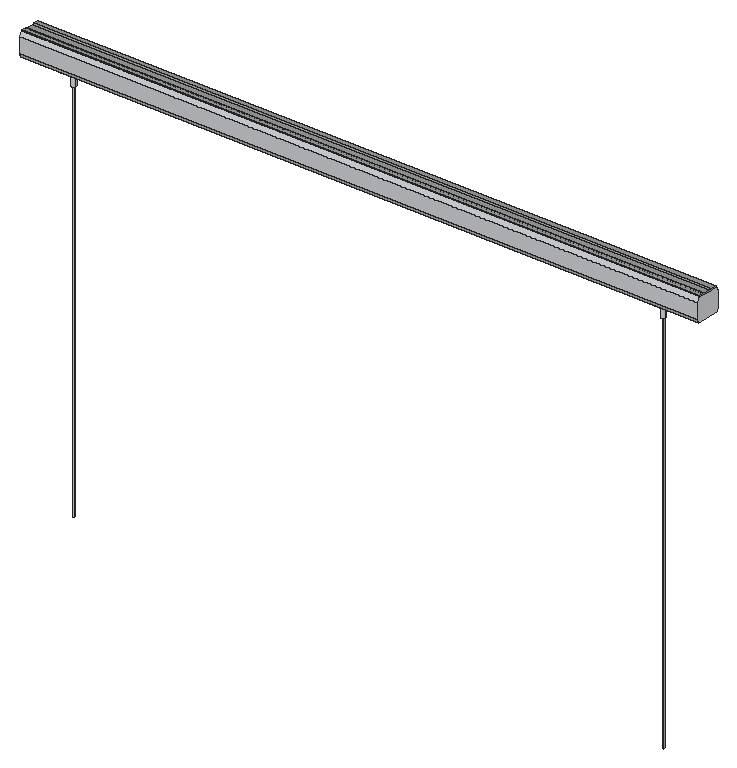
Revit family "0042519 Sylvania Lighting Fixture ISOLINE  1690MM BLANK UNIT 8C", category Lighting Fixtures, host Face, Revit 2018
Family settings
  Host = Face
  Round Connector Dimension = Use Diameter
  Part Type = Normal
  OmniClass Number = 23.80.70.00
  OmniClass Title = Lighting
  Cut with Voids When Loaded = No
  Light Source = No
  Shared = No
  Room Calculation Point = No
Parameters (values of type "0042519 ISOLINE  1690MM BLANK UNIT 8C")
  suspension height = 1000 mm
  spacer height = 5 mm
  spacer centres = 1000 mm
  height = 58.791 mm
  Width = 62 mm
  Weight = "n/a"
  Wattage Comments = ""
  WarrantyStartDate [instance] = "n/a"
  WarrantyGuarantorParts = "n/a"
  WarrantyDurationUnit = "n/a"
  WarrantyDurationParts = ""
  WarrantyDescription = "http://www.sylvania-lighting.com"
  Voltage = 0 V
  URL = "0"
  TypeName = "ISOLINE  1690MM BLANK UNIT 8C"
  Type Image = <None>
  Type Comments = "n/a"
  SerialNumber [instance] = "n/a"
  Material_3_FEILO = none
  PowerFactor = 0
  PowerConsumption = "Lighting"
  NominalLength = 62 mm
  NominalHeight = 0 mm
  NominalDepth = 0 mm
  Name = "ISOLINE  1690MM BLANK UNIT 8C"
  ModelReference = Name  # "ISOLINE  1690MM BLANK UNIT 8C"
  ModelNumber = "0042519"
  Model = Name  # "ISOLINE  1690MM BLANK UNIT 8C"
  Material = "Feilo Sylvania"
  ManufacturerName = "n/a"
  Manufacturer = ""
  LuminousEfficacy = ""
  LuminaireType = "0"
  LightOutputRatio = "LED"
  Length = 1690 mm
  LampsType = Lamp  # "n/a"
  LampNominalLuminous = "n/a"
  LampMacAdamStep = "n/a"
  LampColourTemperature = "LED"
  LampColourRenderingIndex = "16500"
  Lamp = "n/a"
  Keynote = "n/a"
  InstallationDate [instance] = "n/a"
  InputVoltage = "0"
  InputNominalFrequency = ""
  IngressProtection = "IfcLightFixtureType"
  ImpactProtectionIndex = "IfcLightFixtureType"
  IfcExportType = "IfcLightFixtureType"
  IfcExportAs = "n/a"
  Height = 1000 mm
  ExpectedLife = 50000
  ElectricShockClassification = ""
  DurationUnit = "hours"
  DocumentationLiterature = "http://www.sylvania-lighting.com/product/en-int/products/0042519"
  DimmingControlOptions = "n/a"
  Material_2_FEILO = none
  Description = "A ful 1690 rail with LED but no output. Fitted with 8 wires"
  Default Elevation = 1219.2 mm
  CreatedOn = "04/03/2021"
  CreatedBy = "@sylvania-lighting.com"
  Cost = 0
  built-in parameter 1114216 [instance] = (empty or 0)
  ClassificationValue = "EF_70_80"
  ClassificationName = "Uniclass2015"
  Material_1_FEILO = none
  BarCode [instance] = "n/a"
  AssetType = "Fixed"
  AssetIdentifier [instance] = "n/a"
  Assembly Code = "D5020200"
  Apparent Load = 0 VA
  Material_4_FEILO = none
Reference planes
  plane 1 "Center (Front/Back)": y = 0
  plane 2: z = 0
  plane 3 "Center (Left/Right)": x = 0
  plane 4: z = 0
  plane 5: z = 1000
  plane 6: y = 31
  plane 7: y = -31
  plane 8: x = -845
  plane 9: x = 845
  plane 10: x = -37.307
  plane 11: x = 55
  plane 12: z = 1058.791
  plane 13: z = 51
  plane 14: y = -27
  plane 15: y = 27
  plane 16: z = 12
  plane 17: y = -24.969
  plane 18: y = 25
  plane 19: y = 12
  plane 20: y = -12
  plane 21: z = 1.634
  plane 22: y = -8
  plane 23: y = 8
  plane 24: z = 995
  plane 25: y = 26.98
  plane 26: y = 16.98
  plane 27: y = -27.027
  plane 28: y = -17.004
  plane 29: z = 996.5
  plane 30: y = 26.002
  plane 31: y = -26.027
  plane 32: through (-1580, 7.965, 1219.2) normal (0.5391, 0.8423, 0)
  plane 33: through (-1555, 7.965, 1219.2) normal (0.5391, -0.8423, 0)
  plane 34: through (1555, 7.965, 1219.2) normal (0.5391, 0.8423, 0)
  plane 35: through (1580, 8, 1219.2) normal (0.5399, -0.8417, 0)
  plane 36: z = 1058.003
  plane 37: z = 1056.819
  plane 38: x = -735
  plane 39: x = 735
Forms (mm)
  Extrusion 1, solid, detail levels medium+fine
    sketch origin (-1690, -1523.717, -160.594) x (0, -1, -0.000261) y (0, 0.000261, -1)
      loop
        line (-1493, -1168.2) -> (-1497, -1160.2) -> (-1551, -1160.2) -> (-1555, -1168.2) -> (-1555, -1207.2) -> (-1549.109, -1218.982) -> (-1535.466, -1218.982) -> (-1532, -1217.566) -> (-1516, -1217.566) -> (-1512.511, -1218.991) -> (-1498.896, -1218.991) -> (-1493, -1207.2) -> (-1493, -1168.2)
    from 845 to 2535
  Extrusion 2, solid
    sketch origin (722.452, 1524, 1219.247) x (0, 1, 0) y (0, 0, 1)
      loop
        line (-1497.021, -219.189) -> (-1498.02, -219.189) -> (-1507.02, -223.699) -> (-1541.004, -223.699) -> (-1550.017, -219.203) -> (-1551.02, -219.203) -> (-1541.004, -224.2) -> (-1507.02, -224.2) -> (-1497.021, -219.189)
    from 0 to 25
  Extrusion 3, solid
    sketch origin (-747.495, 1524, 1219.189) x (0, 1, 0) y (0, 0, 1)
      loop
        line (-1497.021, -219.189) -> (-1498.02, -219.189) -> (-1507.02, -223.699) -> (-1541.004, -223.699) -> (-1550.017, -219.203) -> (-1551.02, -219.203) -> (-1541.004, -224.2) -> (-1507.02, -224.2) -> (-1497.021, -219.189)
    from 0 to 25
  Extrusion 4, solid
    sketch origin (836.384, 0, 0) x (1, 0, 0) y (0, 1, 0)
      loop
        circle (-1571.7, -0.035) r 5
    from 962.277 to 995
  Extrusion 5, solid
    sketch origin (2306.545, 0.065, 0) x (1, 0, 0) y (0, 1, 0)
      loop
        circle (-1571.7, -0.035) r 5
    from 962.277 to 995
  Extrusion 6, solid
    sketch origin (836.717, 0, 0) x (1, 0, 0) y (0, 1, 0)
      loop
        circle (-1571.7, -0.035) r 1.5
    from 0 to 962.277
  Extrusion 7, solid
    sketch origin (2306.663, 0.033, 0) x (1, 0, 0) y (0, 1, 0)
      loop
        circle (-1571.7, -0.035) r 1.5
    from 0 to 962.277
  Extrusion 8, solid, material "Glass, White, High Luminance", detail levels fine
    sketch origin (319, 1524, 1219.2) x (0, 1, 0) y (0, 0, 1)
      loop
        line (-1498.926, -160.099) -> (-1512.703, -160.099) -> (-1516.213, -161.534) -> (-1531.9, -161.534) -> (-1535.47, -160.114) -> (-1549.12, -160.114) -> (-1549.12, -161.197) -> (-1535.782, -161.197) -> (-1532.805, -162.381) -> (-1515.468, -162.381) -> (-1512.929, -161.197) -> (-1498.926, -161.197) -> (-1498.926, -160.099)
    from -1164 to 526
  Extrusion 9, solid, detail levels coarse
    sketch origin (319, 1524, 1219.2) x (0, 1, 0) y (0, 0, 1)
      loop
        line (-1493, -160.052) -> (-1555, -160.052) -> (-1555, -1219.2) -> (-1493, -1219.2) -> (-1493, -160.052)
    from -1164 to 526
Dimensions and locks
  "Width": plane 6 to plane 7
  equal spacing: plane 6, plane 1 "Center (Front/Back)", plane 7
  "Length": plane 8 to plane 9
  equal spacing: plane 8, plane 3 "Center (Left/Right)", plane 9
  "height": plane 12 to plane 5
  "suspension height": plane 5 to level
  aligned and locked: host face to plane 2
  aligned and locked: host face to level
Automatic sketch dimensions
  host sketch curve to host sketch curve = 3582.803 mm
  host sketch curve to host sketch curve = 2438.4 mm
  Extrusion 1 sketch curve to plane 25 = 0 mm
  Extrusion 1 sketch curve to plane 6 = 0.033 mm
  Extrusion 1 sketch curve to plane 12 = 11.778 mm
  Extrusion 1 sketch curve to Extrusion 1 sketch curve = 4 mm  (x2)
  Extrusion 1 sketch curve to Extrusion 1 sketch curve = 5.891 mm
  Extrusion 1 sketch curve to Extrusion 1 sketch curve = 13.643 mm
  Extrusion 1 sketch curve to Extrusion 1 sketch curve = 3.466 mm
  Extrusion 1 sketch curve to Extrusion 1 sketch curve = 16 mm
  Extrusion 1 sketch curve to Extrusion 1 sketch curve = 3.489 mm
  Extrusion 1 sketch curve to Extrusion 1 sketch curve = 13.615 mm
  Extrusion 1 sketch curve to Extrusion 1 sketch curve = 54 mm
  Extrusion 1 sketch curve to Extrusion 1 sketch curve = 47 mm
  Extrusion 1 sketch curve to Extrusion 1 sketch curve = 10.366 mm
  Extrusion 1 sketch curve to Extrusion 1 sketch curve = 1.425 mm
  Extrusion 1 sketch curve to Extrusion 1 sketch curve = 11.782 mm
  Extrusion 1 sketch curve to Extrusion 1 sketch curve = 8 mm  (x2)
  Extrusion 2 sketch curve to plane 28 = 0 mm  (x2)
  Extrusion 2 sketch curve to plane 26 = 0 mm  (x2)
  plane 5 to Extrusion 2 sketch curve = 0.058 mm
  Extrusion 2 sketch curve to plane 31 = 0.01 mm
  Extrusion 2 sketch curve to plane 27 = 0.007 mm
  plane 30 to Extrusion 2 sketch curve = 0.022 mm
  plane 25 to Extrusion 2 sketch curve = 0.001 mm
  plane 5 to Extrusion 2 sketch curve = 0.044 mm
  plane 24 to Extrusion 2 sketch curve = 0.547 mm
  plane 24 to Extrusion 2 sketch curve = 0.047 mm
  Extrusion 3 sketch curve to plane 28 = 0 mm  (x2)
  Extrusion 3 sketch curve to plane 26 = 0 mm  (x2)
  Extrusion 3 sketch curve to plane 5 = 0 mm
  Extrusion 3 sketch curve to plane 31 = 0.01 mm
  Extrusion 3 sketch curve to plane 27 = 0.007 mm
  plane 30 to Extrusion 3 sketch curve = 0.022 mm
  plane 25 to Extrusion 3 sketch curve = 0.001 mm
  Extrusion 3 sketch curve to plane 5 = 0.014 mm
  plane 24 to Extrusion 3 sketch curve = 0.489 mm
  Extrusion 3 sketch curve to plane 24 = 0.011 mm
  plane 32 to Extrusion 4 sketch curve = 448.592 mm
  plane 33 to Extrusion 4 sketch curve = 448.592 mm
  Extrusion 5 sketch curve to plane 1 "Center (Front/Back)" = 0.029 mm
  plane 32 to Extrusion 6 sketch curve = 448.771 mm
  plane 33 to Extrusion 6 sketch curve = 448.771 mm
  plane 1 "Center (Front/Back)" to Extrusion 7 sketch curve = 0.002 mm
  Extrusion 8 sketch curve to plane 36 = 0 mm  (x2)
  Extrusion 8 sketch curve to plane 37 = 0 mm
  plane 17 to Extrusion 8 sketch curve = 0.151 mm
  Extrusion 8 sketch curve to plane 20 = 0.218 mm
  plane 12 to Extrusion 8 sketch curve = 0.295 mm
  Extrusion 8 sketch curve to plane 20 = 0.53 mm
  plane 22 to Extrusion 8 sketch curve = 0.805 mm
  Extrusion 8 sketch curve to plane 22 = 0.1 mm
  plane 23 to Extrusion 8 sketch curve = 0.213 mm
  Extrusion 8 sketch curve to plane 23 = 0.532 mm
  plane 19 to Extrusion 8 sketch curve = 0.929 mm
  Extrusion 8 sketch curve to plane 18 = 0.074 mm
  plane 37 to Extrusion 8 sketch curve = 0.848 mm
  plane 19 to Extrusion 8 sketch curve = 0.703 mm
  plane 12 to Extrusion 8 sketch curve = 0.31 mm
  Extrusion 9 sketch curve to plane 7 = 0 mm
  Extrusion 9 sketch curve to plane 6 = 0 mm
  Extrusion 9 sketch curve to plane 29 = 996.5 mm
  plane 12 to Extrusion 9 sketch curve = 0.357 mm
  Extrusion 5 sketch curve to plane 39 = 0.155 mm
  Extrusion 7 sketch curve to plane 39 = 0.037 mm
  radius of Extrusion 4 sketch curve = 5 mm
  radius of Extrusion 5 sketch curve = 5 mm
  radius of Extrusion 6 sketch curve = 1.5 mm
  radius of Extrusion 7 sketch curve = 1.5 mm
Connectors
  electrical at (0, -0.02, 1000.004)
    settings: on Extrusion 1, index 1, voltage 0 V, apparent load 0 VA, apparent load phase1 0 VA, apparent load phase2 0 VA, apparent load phase3 0 VA, power factor 1, load classification "Other", number of poles 1, system type 31, power factor state 1, is connector primary yes, connector utility no, sub classification motor no, connector description ""
